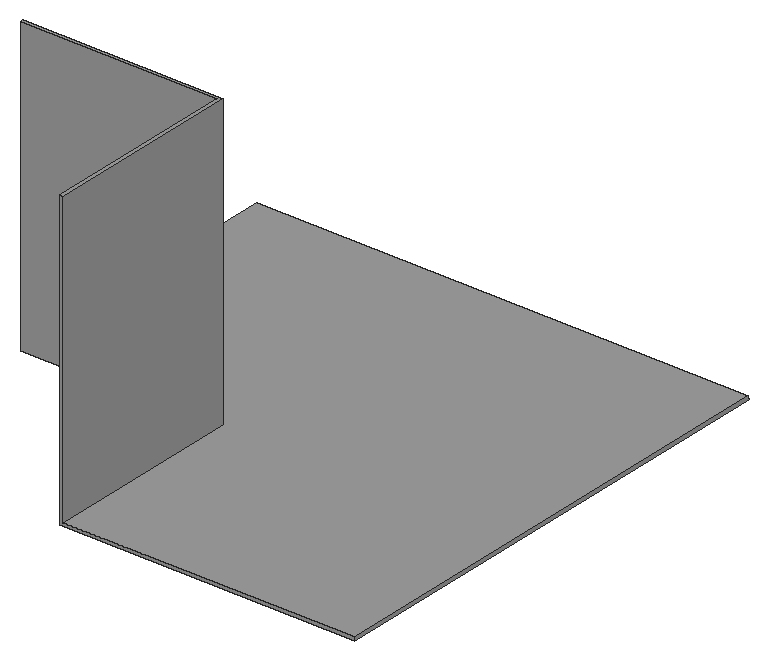
Revit family "45f833ae-f905-4124-9fd8-4fb0d36a7823", category Generic Models, Revit 2012
Parameters (values of type "As Specified")
  Unit Width = 0' - 10"
  Unit Height = 0' - 6"
  Unit Depth = 0' - 6"
  URL = "http://www.hyload.com/"
  Thickness = 0' - 0 1/16"
  Specification = "http://www.arcat.com/sdspecs/htm04/07_65_00hyl.htm"
  Sales Information = "http://www.hyload.com/contact-us"
  Revision = "R1_12-2015"
  Product Properties = "http://www.hyload.com/masonry-flashing/preformed-shapes/"
  Product Data = "http://www.arcat.com/arcatcos/cos33/arc33176.html"
  Model = "Outside Corner (90)"
  Manufacturer Website = "http://www.hyload.com/"
  Manufacturer Phone - Toll Free = "800-457-4056"
  Manufacturer Phone = "330-769-3546"
  Manufacturer Fax = "330-769-4153"
  Manufacturer Address = "5020 Panther Pkwy., Seville, OH 44273"
  Manufacturer = "Hyload"
  Keynote = "07 65 00"
  Flashing Material = Hyload Flashing Membrane - Grey
  Drawn By = "Robert S. Weygant / Sumex Design"
  Description = "Preformed Hyload Masonry Flashing - Outside Corner (90)"
  Copyright = "(c) ARCAT, Inc, 2015"
  Construction Details = "http://www.arcat.com/details/hyload/hyload.html?coid=33176"
  Assembly Code = "B3010400"
Reference planes (in)
  plane 1 "Center (Front/Back)": y = 0
  plane 2: z = 0
  plane 3 "Center (Left/Right)": x = 0
  plane 4: y = 6
  plane 5: x = 6
  plane 6: z = 6
  plane 7: y = -4
  plane 8: x = -4
Forms (in)
  Sweep 1, solid, material "Hyload Flashing Membrane - Grey" <- "Flashing Material"
    path origin (0, 0, 0) x (1, 0, 0) y (0, 1, 0)
      loop
        line (0, -4) -> (0, 0) -> (-4, 0)
    profile origin (0, -2, 0) x (-1, 0, 0) y (0, 0, 1)
      loop
        line (0, 0) -> (0, 6) -> (-0.0625, 6) -> (-0.0625, 0.0625) -> (-6, 0.0625) -> (-6, 0) -> (0, 0)
Dimensions and locks (in)
  "Unit Depth": plane 1 "Center (Front/Back)" to plane 4
  "Unit Depth": plane 3 "Center (Left/Right)" to plane 5
  "Thickness": Sweep 1 sketch curve to plane 3 "Center (Left/Right)"
  "Thickness": Sweep 1 sketch curve to level
  "Unit Height": plane 6 to level
  "Unit Width": plane 8 to plane 5
  "Unit Width": plane 4 to plane 7
  aligned and locked: plane 2 to level
  aligned and locked: Sweep 1 sketch curve to plane 1 "Center (Front/Back)"
  aligned and locked: plane 3 "Center (Left/Right)" to Sweep 1 sketch curve
  aligned and locked: Sweep 1 sketch curve to level
  aligned and locked: plane 6 to Sweep 1 sketch curve
  aligned and locked: plane 8 to Sweep 1 sketch curve
  aligned and locked: plane 7 to Sweep 1 sketch curve
Automatic sketch dimensions
  Sweep 1 sketch curve to profile plane = 0' - 0"
  Sweep 1 sketch curve to Sweep 1 sketch curve = 0' - 5 15/16"
